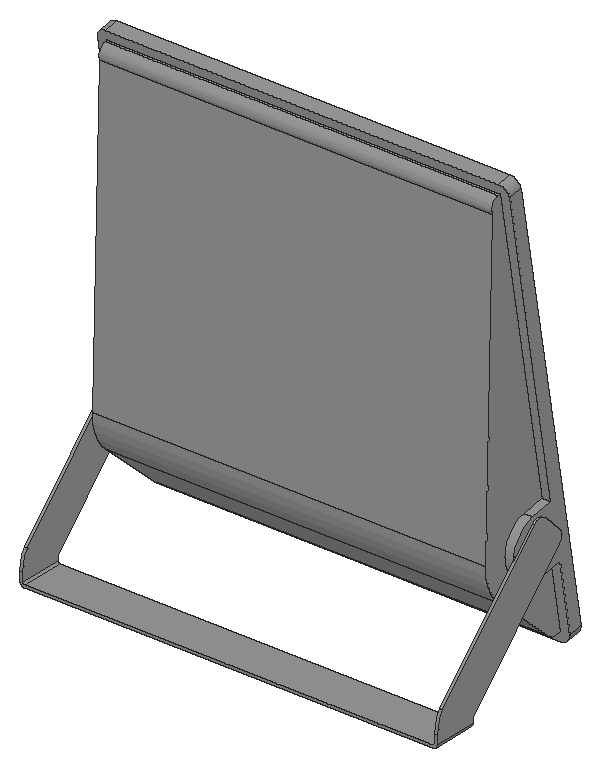
Revit family "0048542", category Lighting Fixtures, host Face, Revit 2017
Family settings
  Host = Face
  Round Connector Dimension = Use Diameter
  Part Type = Normal
  OmniClass Number = 23.80.70.00
  OmniClass Title = Lighting
  Cut with Voids When Loaded = No
  Light Source = No
  Shared = No
  Room Calculation Point = No
Parameters (values of type "0048542 START FLOOD IP66 39KLM 840 WB")
  WingRadius_SYL = 10 mm
  WingLength_SYL = if([50W_SYL], 100 mm, if([100W_SYL], 142 mm, if([150W_SYL], 142 mm, if([200W_SYL], 150 mm, 170 mm))))  # 170 mm
  WidthBracket_SYL = 45 mm
  Weight = "9.6 kg"
  Wattage Comments = ""
  WarrantyStartDate [instance] = "n/a"
  WarrantyGuarantorParts = "n/a"
  WarrantyDurationUnit = "n/a"
  WarrantyDurationParts = "n/a"
  WarrantyDescription = "n/a"
  Voltage = 0 V
  URL = "http://www.sylvania-lighting.com"
  TypeName = "Start Flood IP66 39KLM 840 WB"
  TypeHead_SYL = START Flood IP66 300W luminaire : 0048542
  Type Image = <None>
  Type Comments = "n/a"
  ThicknessBracket_SYL = 3 mm
  SerialNumber [instance] = "n/a"
  RotationAngle_SYL [instance] = -100.00°
  RadiusOutBracket_SYL = 5 mm
  RadiusInBracket_SYL = 2 mm
  Material_3_SYL = none
  PowerFactor = 0.97
  PowerConsumption = "300 W"
  NominalLength = 567 mm
  NominalHeight = 97 mm
  NominalDepth = 465 mm
  Name = "Start Flood IP66 39KLM 840 WB"
  ModelReference = Name  # "Start Flood IP66 39KLM 840 WB"
  ModelNumber = "0048542"
  Model = Name  # "Start Flood IP66 39KLM 840 WB"
  Material = "n/a"
  ManufacturerName = "Feilo Sylvania"
  Manufacturer = "Feilo Sylvania"
  LuminousEfficacy = "139 lm/W"
  LuminaireType = ""
  LightOutputRatio = "n/a"
  LengthIn_SYL = if([50W_SYL], 210 mm, if([100W_SYL], 300 mm, if([150W_SYL], 295 mm, if([200W_SYL], 360 mm, 430 mm))))  # 430 mm
  LampsType = Lamp  # "LED"
  LampNominalLuminous = "41800 lm"
  LampMacAdamStep = "4"
  LampColourTemperature = "4000 K"
  LampColourRenderingIndex = "70"
  Lamp = "LED"
  Keynote = "16500"
  InstallationDate [instance] = "n/a"
  InputVoltage = "n/a"
  InputNominalFrequency = "n/a"
  IngressProtection = "IP66"
  ImpactProtectionIndex = "IK08"
  IfcExportType = "IfcLightFixtureType"
  IfcExportAs = "IfcLightFixtureType"
  EndAngle_SYL [instance] = RotationAngle_SYL + 180.00°  # 80.00°
  ElectricShockClassification = "Class I"
  DocumentationLiterature = "http://www.sylvania-lighting.com/product/en-int/products/0048542"
  DimmingControlOptions = "n/a"
  Material_2_SYL = none
  Description = "Exterior LED Floodlight, comes complete with 1500mm flying lead and adjustable bracket, aluminium housing, clear glass diffuser, IP66, IK08, Class I, 4000K, Non-dimming, 41800lm, 300W, 139lm/W, CRI80, Symmetrical Wide beam angle (60°), 60000 hrs L70B50 lifetime, 567 x 465 x 97mm (LxWxD) dimensions, 9.6kg weight."
  Default Elevation = 1219.2 mm
  CreatedOn = "9/23/2020"
  CreatedBy = "@sylvania-lighting.com"
  Cost = 0
  built-in parameter 1114216 [instance] = (empty or 0)
  ClassificationValue = "EF_70_80"
  ClassificationName = "Uniclass2015"
  Material_1_SYL = Steel, Paint Finish, Dark Gray, Matte
  BarCode [instance] = "n/a"
  AxisOffsetWingEnd_SYL = WidthBracket_SYL / 2  # 22.5 mm
  AxisHeight_SYL = sin(45.00°) * WingLength_SYL  # 120.208 mm
  AxisDepth_SYL = cos(45.00°) * (WingLength_SYL - tan(45.00°) * AxisOffsetWingEnd_SYL - AxisOffsetWingEnd_SYL)  # 88.388 mm
  AssetType = "Fixed"
  AssetIdentifier [instance] = "n/a"
  Assembly Code = "D5020200"
  Apparent Load = 300 VA
  Material_4_SYL = none
  50W_SYL = no
  200W_SYL = no
  150W_SYL = no
  100W_SYL = no
Reference planes
  plane 1 "Center (Front/Back)": y = 0
  plane 2: z = 0
  plane 3 "Center (Left/Right)": x = 0
  plane 4: x = 218
  plane 5: x = -218
  plane 6: x = 215
  plane 7: x = -215
  plane 8: z = 10
  plane 9: y = 22.5
  plane 10: y = -22.5
  plane 11: z = 3
  plane 12: z = 130.208
  plane 13: y = 110.888
Forms (mm)
  Extrusion 1, solid, material "Steel, Paint Finish, Dark Gray, Matte" <- "Material_1_SYL"
    sketch origin (0, 0, 0) x (1, 0, 0) y (0, 0, 1)
      loop
        arc (213, 0) -> (216.536, 1.464) -> (218, 5) r 5
        line (218, 5) -> (218, 10) -> (215, 10) -> (215, 5)
        arc (215, 5) -> (214.414, 3.586) -> (213, 3) r 2
        line (213, 3) -> (-213, 3)
        arc (-213, 3) -> (-214.414, 3.586) -> (-215, 5) r 2
        line (-215, 5) -> (-215, 10) -> (-218, 10) -> (-218, 5)
        arc (-218, 5) -> (-216.536, 1.464) -> (-213, 0) r 5
        line (-213, 0) -> (213, 0)
    from -22.5 to 22.5
  Extrusion 2, solid, material "Steel, Paint Finish, Dark Gray, Matte" <- "Material_1_SYL"
    sketch origin (215, -4572, 2609.058) x (0, 0, 1) y (0, -1, 0)
      loop
        line (-2599.058, -4594.5) -> (-2485.921, -4707.637)
        arc (-2485.921, -4707.637) -> (-2478.85, -4710.566) -> (-2471.779, -4707.637) r 10
        line (-2471.779, -4707.637) -> (-2454.101, -4689.959)
        arc (-2454.101, -4689.959) -> (-2451.172, -4682.888) -> (-2454.101, -4675.817) r 10
        line (-2454.101, -4675.817) -> (-2574.561, -4555.358)
        arc (-2574.561, -4555.358) -> (-2584.325, -4550.994) -> (-2594.916, -4549.5) r 38.295
        line (-2594.916, -4549.5) -> (-2599.058, -4549.5) -> (-2599.058, -4594.5)
    from 0 to 3
  Extrusion 3, solid, material "Steel, Paint Finish, Dark Gray, Matte" <- "Material_1_SYL"
    sketch origin (-218, -4572, 2609.058) x (0, 0, 1) y (0, -1, 0)
      loop
        arc (-2485.921, -4707.637) -> (-2478.85, -4710.566) -> (-2471.779, -4707.637) r 10
        line (-2471.779, -4707.637) -> (-2454.101, -4689.959)
        arc (-2454.101, -4689.959) -> (-2451.172, -4682.888) -> (-2454.101, -4675.817) r 10
        line (-2454.101, -4675.817) -> (-2574.561, -4555.358)
        arc (-2574.561, -4555.358) -> (-2584.325, -4550.994) -> (-2594.916, -4549.5) r 38.295
        line (-2594.916, -4549.5) -> (-2604.058, -4549.5) -> (-2604.058, -4594.5) -> (-2599.058, -4594.5) -> (-2485.921, -4707.637)
    from 0 to 3
  Revolve 4, solid, not visible
    sketch origin (1223.4, -4572, 130.208) x (0, -1, 0) y (1, 0, 0)
      loop
        line (-4682.888, -1223.4) -> (-4697.888, -1223.4) -> (-4697.888, -1273.4) -> (-4682.888, -1273.4) -> (-4682.888, -1223.4)
      axis (-4682.888, -1223.4) -> (-4682.888, -1273.4)
    angle from -100 <- "RotationAngle_SYL" to 80 <- "EndAngle_SYL"
Cuts and joins
  joined: Extrusion 1, Extrusion 2, Extrusion 3
Lines and regions (mm)
  reference lines
    curve 1: line (0, 22.5, 10) -> (0, 174.528, 162.028)
    curve 2: line (0, 131.244, 182.383) -> (0, -22.5, 28.64)
    curve 3: line (0, 110.888, 162.028) -> (0, 142.708, 130.208)
    curve 4: line (-218, 4.393, 23.713) -> (-218, 172.635, 191.954)
    curve 5: line (0, 94.978, 146.118) -> (0, 126.798, 114.298)
Dimensions and locks
  locked: plane 8 to plane 2 at 10
  equal spacing: plane 10, plane 1 "Center (Front/Back)", plane 9
  "WidthBracket_SYL": plane 10 to plane 9
  "WidthBracket_SYL": curve 1 to curve 2
  "ThicknessBracket_SYL": plane 11 to plane 2
  "WingLength_SYL": curve 1 to curve 3
  level to Extrusion 1 = 10 mm
  equal spacing: plane 6, plane 3 "Center (Left/Right)", plane 7
  "LengthIn_SYL": plane 6 to plane 7
  equal spacing: plane 4, plane 3 "Center (Left/Right)", plane 5
  "ThicknessBracket_SYL": plane 7 to plane 5
  equal spacing: curve 1, curve 4, curve 2
  "AxisOffsetWingEnd_SYL": curve 3 to curve 5
  "AxisHeight_SYL": plane 12 to plane 8
  "AxisDepth_SYL": plane 9 to plane 13
  "RadiusInBracket_SYL": radius of Extrusion 1 sketch curve  (x2)
  "RadiusOutBracket_SYL": radius of Extrusion 1 sketch curve  (x2)
  "WingRadius_SYL": radius of Extrusion 2 sketch curve  (x2)
  locked: plane 8 to curve 1 (angle 45.00°)
  locked: plane 8 to curve 2 (angle 45.00°)
  aligned and locked: plane 2 to host face
  aligned and locked: level to host face
  aligned and locked: plane 9 to curve 1
  aligned and locked: plane 8 to curve 1
  aligned and locked: plane 10 to curve 2
  aligned and locked: plane 5 to Extrusion 1 sketch curve
  aligned and locked: plane 8 to Extrusion 1 sketch curve  (x2)
  aligned and locked: Extrusion 1 sketch curve to plane 7
  aligned and locked: plane 11 to Extrusion 1 sketch curve
  aligned and locked: plane 6 to Extrusion 1 sketch curve
  aligned and locked: Extrusion 1 sketch curve to plane 4
  aligned and locked: Extrusion 1 to plane 9
  aligned and locked: plane 10 to Extrusion 1
  aligned and locked: Extrusion 2 sketch curve to curve 1
  aligned and locked: curve 2 to Extrusion 2 sketch curve
  aligned and locked: plane 10 to Extrusion 2 sketch curve
  aligned and locked: Extrusion 2 sketch curve to Extrusion 1
  aligned and locked: plane 4 to Extrusion 2
  aligned and locked: Extrusion 2 to plane 6
  aligned and locked: plane 7 to Extrusion 3
  aligned and locked: Extrusion 3 to plane 5
  aligned and locked: cut or joined group of Extrusion 1, Extrusion 2, Extrusion 3 to curve 5  (x2)
  aligned and locked: Revolve 4 sketch curve to plane 13  (x2)
  aligned and locked: Revolve 4 sketch curve to curve 3
  aligned and locked: curve 2 to plane 3 "Center (Left/Right)"
  aligned and locked: Extrusion 3 sketch curve to cut or joined group of Extrusion 1, Extrusion 2, Extrusion 3  (x5)
  aligned and locked: cut or joined group of Extrusion 1, Extrusion 2, Extrusion 3 to Extrusion 3 sketch curve
  aligned and locked: nested 1 to plane 3 "Center (Left/Right)"
Automatic sketch dimensions
  host sketch curve to host sketch curve = 2438.4 mm  (x2)
  curve 4 to plane 1 "Center (Front/Back)" = 4.393 mm
  curve 4 to plane 9 = 150.135 mm
  Revolve 4 sketch curve to Revolve 4 sketch curve = 15 mm
  Revolve 4 sketch curve to plane 3 "Center (Left/Right)" = 50 mm
  Revolve 4 sketch curve to plane 5 = 1316.635 mm
  plane 4 to Revolve 4 sketch curve = 1441.773 mm
  Extrusion 3 sketch curve to plane 10 = 5.858 mm
  plane 12 to Extrusion 3 sketch curve = 7.071 mm
  Extrusion 3 sketch curve to plane 12 = 7.071 mm
  Extrusion 3 sketch curve to Extrusion 3 sketch curve = 7.071 mm
  plane 13 to Extrusion 3 sketch curve = 7.071 mm
  Extrusion 1 sketch curve to Extrusion 1 sketch curve = 0 mm  (x2)
  plane 12 to Extrusion 2 sketch curve = 0 mm
  Extrusion 2 sketch curve to plane 13 = 0 mm
  Extrusion 2 sketch curve to Extrusion 2 sketch curve = 4.142 mm
  Extrusion 2 sketch curve to plane 10 = 5.858 mm
  plane 12 to Extrusion 2 sketch curve = 7.071 mm
  Extrusion 2 sketch curve to plane 12 = 7.071 mm
  plane 13 to Extrusion 2 sketch curve = 7.071 mm
  Extrusion 2 sketch curve to plane 13 = 7.071 mm
Nested families
  nested 1: "START Flood IP66 300W luminaire" at (0, 110.888, 130.208) x (-1, 0, 0) z (0, 0.9848, 0.1736), type <- "TypeHead_SYL", type "0048542"
    with built-in parameter 1114216 (empty or 0), Apparent Load 300 VA
Connectors
  electrical at (4.2, 0, 0), driven by "Voltage", driven by "Apparent Load", driven by "PowerFactor"
    settings: on host face, index 1, voltage 0 V, apparent load 300 VA, apparent load phase1 0 VA, apparent load phase2 0 VA, apparent load phase3 0 VA, power factor 0.97, load classification "Other", number of poles 1, system type 30, power factor state 1, is connector primary yes, connector utility no, sub classification motor no, connector description ""
Definition of nested family "START Flood IP66 300W luminaire"
  Parameters (values of type "0048215 Start Flood IP66 42000lm 740 ASYM")
    WidthHead_SYL = if([50W_SYL], 210 mm, if([100W_SYL], 300 mm, if([150W_SYL], 295 mm, if([200W_SYL], 360 mm, 430 mm))))  # 430 mm
    Wattage Comments = "n/a"
    Wattage = 296 W
    built-in parameter 1150110 = 1 (stored number, unit not read)
    URL = "http://www.sylvania-lighting.com"
    Type Image = (empty or 0)
    Type Comments = "n/a"
    built-in parameter 1114217 = 1 (stored number, unit not read)
    Tilt Angle = -90.00°
    built-in parameter 1150109 = 1 (stored number, unit not read)
    built-in parameter 1150134 = 12
    built-in parameter 1150113 = 1 (stored number, unit not read)
    ScreenThickness_SYL = 14.5 mm  # constant formula
    ReflectorOffset_SYL = 12 mm  # constant formula
    ReflectorOffsetIn_SYL = RadiusReflectorFront_SYL  # 35 mm
    ReflectorHeight_SYL = if([50W_SYL], 145 mm, if([100W_SYL], 165 mm, if([150W_SYL], 210 mm, if([200W_SYL], 240 mm, 290 mm))))  # 290 mm
    RadiusReflectorIn_SYL = 5 mm  # constant formula
    RadiusReflectorFront_SYL = if([50W_SYL], 30 mm, if([100W_SYL], 30 mm, if([150W_SYL], 30 mm, if([200W_SYL], 30 mm, 35 mm))))  # 35 mm
    RadiusHinge_SYL = RadiusBack_SYL / 1.8  # 30.556 mm
    RadiusBack_SYL = if([50W_SYL], 31.3 mm, if([100W_SYL], 40 mm, if([150W_SYL], 40 mm, if([200W_SYL], 50 mm, 55 mm))))  # 55 mm
    Photometric Web File = "0048215.ies"
    OffsetBack_SYL = 10 mm  # constant formula
    Material_5_SYL = none
    Material_3_SYL = none
    Model = "Start Flood IP66 42000lm 740 ASYM"
    Manufacturer = "Feilo Sylvania"
    built-in parameter 1150105 = 21381.3 (stored number, unit not read)
    Lumens = 41144 lm
    built-in parameter 1150115 = 1 (stored number, unit not read)
    built-in parameter 1150137 = (empty or 0)
    built-in parameter 1150139 = (empty or 0)
    built-in parameter 1150112 = 1 (stored number, unit not read)
    built-in parameter 1150114 = 1 (stored number, unit not read)
    Lamp = "LED"
    Keynote = "16500"
    Material_2_SYL = none
    built-in parameter 1150132 = (empty or 0)
    built-in parameter 1150102 = (empty or 0)
    built-in parameter 1150107 = 4000 (stored number, unit not read)
    built-in parameter 1150138 = (empty or 0)
    built-in parameter 1150106 = 213.81 (stored number, unit not read)
    HeightHead_SYL = if([50W_SYL], 250 mm, if([100W_SYL], 320 mm, if([150W_SYL], 367 mm, if([200W_SYL], 400 mm, 470 mm))))  # 470 mm
    Emit from Rectangle Width = WidthHead_SYL - 4 mm - ReflectorOffset_SYL * 2 - ReflectorOffsetIn_SYL * 2  # 332 mm
    Emit from Rectangle Length = ReflectorHeight_SYL - ReflectorOffsetIn_SYL * 2  # 220 mm
    Emit Shape Visible in Rendering = no
    built-in parameter 1150104 = 12.914 (stored number, unit not read)
    Dimming Lamp Color Temperature Shift = (empty or 0)
    Description = ""
    Default Elevation = 1219.2 mm
    Cost = 0
    Color Filter = 16777215
    built-in parameter 1114216 [instance] = (empty or 0)
    Material_1_SYL = none
    Chamfer_SYL = if([50W_SYL], 15 mm, if([100W_SYL], 15 mm, if([150W_SYL], 15 mm, if([200W_SYL], 15 mm, 20 mm))))  # 20 mm
    built-in parameter 1114218 = 1 (stored number, unit not read)
    AxisOffsetBottom_SYL = if([50W_SYL], 68 mm, if([100W_SYL], 80 mm, if([150W_SYL], 92.2 mm, if([200W_SYL], 99.7 mm, 117 mm))))  # 117 mm
    AxisOffsetFront_SYL = if([50W_SYL], 28.4 mm, if([100W_SYL], 33.2 mm, if([150W_SYL], 33.2 mm, if([200W_SYL], 32.9 mm, 38.3 mm))))  # 38.3 mm
    built-in parameter 1150133 = 10 (stored number, unit not read)
    Assembly Code = "D5020200"
    Apparent Load = 296 VA
    Material_4_SYL = none
    50W_SYL = no
    200W_SYL = no
    150W_SYL = no
    100W_SYL = no
  Types (2, lengths in mm): name | Photometric Web File | Model | built-in parameter 1150105 | Lumens | built-in parameter 1150106 | built-in parameter 1150104
    0048215 Start Flood IP66 42000lm 740 ASYM | "0048215.ies" | "Start Flood IP66 42000lm 740 ASYM" | 21381.3 (stored number, unit not read) | 41144 lm | 213.81 (stored number, unit not read) | 12.914 (stored number, unit not read)
    0048214 Start Flood IP66 42000lm 740 WB | "0048214.ies" | "Start Flood IP66 42000lm 740 WB" | 47398.7 (stored number, unit not read) | 42920 lm | 473.99 (stored number, unit not read) | 13.471 (stored number, unit not read)
  Reference planes
    plane 1 "Center (Front/Back)": y = 0
    plane 2: z = 0
    plane 3 "Center (Left/Right)": x = 0
    plane 4: x = 215
    plane 5: x = -215
    plane 6: y = -117
    plane 7: y = 353
    plane 8: z = 38.3
    plane 9: z = 23.8
    plane 10: y = 343
    plane 11: y = -107
    plane 12: x = -205
    plane 13: x = 205
    plane 14: x = -213
    plane 15: y = 351
    plane 16: x = 213
    plane 17: y = -115
    plane 18: y = 331
    plane 19: x = 193
    plane 20: x = -193
    plane 21: y = -95
    plane 22: z = 36.3
    plane 23: z = 13.8
    plane 24: x = -201
    plane 25: y = 339
    plane 26: x = 201
    plane 27: y = 49
    plane 28: x = -166
    plane 29: y = 84
    plane 30: x = 166
    plane 31: y = 304
    plane 32: y = 194
  Forms (mm)
    Extrusion 1, solid
      sketch origin (4.2, 0, 0) x (1, 0, 0) y (0, 1, 0)
        loop
          line (-1219.2, 1219.2) -> (-1219.2, -1219.2) -> (1219.2, -1219.2) -> (1219.2, 1219.2) -> (-1219.2, 1219.2)
      from 0 to -68.017
    Extrusion 2, solid, material <- "Material_1_SYL"
      sketch origin (0, 1219.2, 38.3) x (1, 0, 0) y (0, -1, 0)
        loop
          line (-205, 866.2) -> (205, 866.2)
          arc (205, 866.2) -> (212.071, 869.129) -> (215, 876.2) r 10
          line (215, 876.2) -> (215, 1326.2)
          arc (215, 1326.2) -> (212.071, 1333.271) -> (205, 1336.2) r 10
          line (205, 1336.2) -> (-205, 1336.2)
          arc (-205, 1336.2) -> (-212.071, 1333.271) -> (-215, 1326.2) r 10
          line (-215, 1326.2) -> (-215, 876.2)
          arc (-215, 876.2) -> (-212.071, 869.129) -> (-205, 866.2) r 10
      from 0 to 14.5
    Extrusion 3, void
      sketch origin (0, 1219.2, 38.3) x (1, 0, 0) y (0, -1, 0)
        loop
          line (-193, 868.2) -> (193, 868.2) -> (213, 888.2) -> (213, 1314.2) -> (193, 1334.2) -> (-193, 1334.2) -> (-213, 1314.2) -> (-213, 888.2) -> (-193, 868.2)
      from 0 to 2
    Blend 4, void
      base sketch origin (0, 1219.2, 36.3) x (0, -1, 0) y (1, 0, 0)
        loop
          arc (880.2, -166) -> (890.451, -190.749) -> (915.2, -201) r 35
          line (915.2, -201) -> (1135.2, -201)
          arc (1135.2, -201) -> (1159.949, -190.749) -> (1170.2, -166) r 35
          line (1170.2, -166) -> (1170.2, 166)
          arc (1170.2, 166) -> (1159.949, 190.749) -> (1135.2, 201) r 35
          line (1135.2, 201) -> (915.2, 201)
          arc (915.2, 201) -> (890.451, 190.749) -> (880.2, 166) r 35
          line (880.2, 166) -> (880.2, -166)
      top sketch origin (0, 1219.2, 36.3) x (0, -1, 0) y (1, 0, 0)
        loop
          arc (915.2, -163) -> (917.044, -165.183) -> (919.783, -166) r 5
          line (919.783, -166) -> (1130.2, -166)
          arc (1130.2, -166) -> (1133.736, -164.536) -> (1135.2, -161) r 5
          line (1135.2, -161) -> (1135.2, 161)
          arc (1135.2, 161) -> (1133.736, 164.536) -> (1130.2, 166) r 5
          line (1130.2, 166) -> (920.2, 166)
          arc (920.2, 166) -> (916.664, 164.536) -> (915.2, 161) r 5
          line (915.2, 161) -> (915.2, -163)
      from 0 to -22.5
    Extrusion 5, solid, material <- "Material_1_SYL"
      sketch origin (0, 0, 0) x (0, 1, 0) y (0, 0, 1)
        loop
          line (-107, 23.8) -> (-107, 18.572)
          arc (-107, 18.572) -> (-106.025, 14.265) -> (-103.291, 10.798) r 10
          line (-103.291, 10.798) -> (-33.861, -43.341)
          arc (-33.861, -43.341) -> (-12.595, -53.539) -> (10.987, -53.891) r 55
          line (10.987, -53.891) -> (330.006, 12.163)
          arc (330.006, 12.163) -> (338.918, 13.644) -> (343, 21.705) r 10
          line (343, 21.705) -> (343, 23.8) -> (-107, 23.8)
      from -205 to 205
    Extrusion 6, solid, material <- "Material_4_SYL"
      sketch origin (0, 1219.2, 36.3) x (1, 0, 0) y (0, -1, 0)
        loop
          line (193, 868.2) -> (213, 888.2) -> (213, 1314.2) -> (193, 1334.2) -> (-193, 1334.2) -> (-213, 1314.2) -> (-213, 888.2) -> (-193, 868.2) -> (193, 868.2)
      from -2 to 0
    Extrusion 7, solid, material <- "Material_1_SYL"
      sketch origin (0, 0, 0) x (0, 1, 0) y (0, 0, 1)
        loop
          arc (-30.556, 0) -> (0, -30.556) -> (30.556, 0) r 30.556
          line (30.556, 0) -> (30.556, 23.8) -> (-30.556, 23.8) -> (-30.556, 0)
      from -215 to 215
  Cuts and joins
    Extrusion 3, Blend 4 cuts Extrusion 2
    joined: Extrusion 2, Extrusion 5, Extrusion 7
  Lines and regions (mm)
    Split face 1
      outline origin (0, 1219.2, 38.3) x (1, 0, 0) y (0, 1, 0)
        loop
          arc (166, -1170.2) -> (190.749, -1159.949) -> (201, -1135.2) r 35
          line (201, -1135.2) -> (201, -915.2)
          arc (201, -915.2) -> (190.749, -890.451) -> (166, -880.2) r 35
          line (166, -880.2) -> (-166, -880.2)
          arc (-166, -880.2) -> (-190.749, -890.451) -> (-201, -915.2) r 35
          line (-201, -915.2) -> (-201, -1135.2)
          arc (-201, -1135.2) -> (-190.749, -1159.949) -> (-166, -1170.2) r 35
          line (-166, -1170.2) -> (166, -1170.2)
    reference lines
      curve 1: circle (0, 0, 0) r 55 normal (1, 0, 0)
      curve 2: line (-166, 339, 38.3) -> (166, 339, 38.3)
      curve 3: line (-201, 84, 38.3) -> (-201, 304, 38.3)
      curve 4: line (166, 49, 38.3) -> (-166, 49, 38.3)
      curve 5: line (201, 304, 38.3) -> (201, 84, 38.3)
      curve 6: arc (-166, 339, 38.3) -> (-190.749, 328.749, 38.3) -> (-201, 304, 38.3) r 35
      curve 7: arc (166, 339, 38.3) -> (190.749, 328.749, 38.3) -> (201, 304, 38.3) r 35
      curve 8: arc (-201, 84, 38.3) -> (-190.749, 59.251, 38.3) -> (-166, 49, 38.3) r 35
      curve 9: arc (166, 49, 38.3) -> (190.749, 59.251, 38.3) -> (201, 84, 38.3) r 35
      curve 10: line (-163, 304, 38.3) -> (161, 304, 38.3)
      curve 11: line (-166, 89, 38.3) -> (-166, 299.417, 38.3)
      curve 12: line (161, 84, 38.3) -> (-161, 84, 38.3)
      curve 13: line (166, 299, 38.3) -> (166, 89, 38.3)
      curve 14: arc (-163, 304, 38.3) -> (-165.183, 302.156, 38.3) -> (-166, 299.417, 38.3) r 5
      curve 15: arc (-161, 84, 38.3) -> (-164.536, 85.464, 38.3) -> (-166, 89, 38.3) r 5
      curve 16: arc (166, 89, 38.3) -> (164.536, 85.464, 38.3) -> (161, 84, 38.3) r 5
      curve 17: arc (161, 304, 38.3) -> (164.536, 302.536, 38.3) -> (166, 299, 38.3) r 5
      curve 18: circle (0, 0, 0) r 30.556 normal (1, 0, 0)
  Dimensions and locks
    equal spacing: plane 4, plane 3 "Center (Left/Right)", plane 5
    "WidthHead_SYL": plane 4 to plane 5
    "AxisOffsetBottom_SYL": plane 6 to plane 1 "Center (Front/Back)"
    "HeightHead_SYL": plane 6 to plane 7
    "AxisOffsetFront_SYL": plane 8 to plane 2
    "ScreenThickness_SYL": plane 9 to plane 8
    equal spacing: plane 12, plane 3 "Center (Left/Right)", plane 13
    "OffsetBack_SYL": plane 5 to plane 12
    "OffsetBack_SYL": plane 10 to plane 7
    "OffsetBack_SYL": plane 6 to plane 11
    locked: plane 6 to plane 17 at 2
    locked: plane 16 to plane 4 at 2
    locked: plane 5 to plane 14 at 2
    locked: plane 15 to plane 7 at 2
    "Chamfer_SYL": plane 19 to plane 16
    "Chamfer_SYL": plane 14 to plane 20
    "Chamfer_SYL": plane 18 to plane 15
    locked: plane 22 to plane 8 at 2
    "Chamfer_SYL": plane 17 to plane 21
    locked: plane 23 to plane 9 at 10
    equal spacing: plane 24, plane 3 "Center (Left/Right)", plane 26
    "ReflectorOffset_SYL": plane 25 to plane 15
    "ReflectorHeight_SYL": plane 27 to plane 25
    "ReflectorOffset_SYL": plane 14 to plane 24
    "ReflectorOffsetIn_SYL": plane 31 to plane 25
    "ReflectorOffsetIn_SYL": plane 24 to plane 28
    "ReflectorOffsetIn_SYL": plane 27 to plane 29
    "ReflectorOffsetIn_SYL": plane 30 to plane 26
    level to Extrusion 7 = 23.8 mm
    equal spacing: plane 29, plane 32, plane 31
    "RadiusBack_SYL": radius of curve 1
    "OffsetBack_SYL": radius of Extrusion 2 sketch curve  (x4)
    "RadiusReflectorFront_SYL": radius of curve 6
    "RadiusReflectorFront_SYL": radius of curve 8
    "RadiusReflectorFront_SYL": radius of curve 9
    "RadiusReflectorFront_SYL": radius of curve 7
    "RadiusReflectorIn_SYL": radius of curve 14
    "RadiusReflectorIn_SYL": radius of curve 15
    "RadiusReflectorIn_SYL": radius of curve 16
    "RadiusReflectorIn_SYL": radius of curve 17
    radius of Extrusion 5 sketch curve = 10 mm  (x2)
    "RadiusHinge_SYL": radius of curve 18
    aligned and locked: plane 2 to Extrusion 1
    aligned and locked: level to Extrusion 1
    aligned and locked: Extrusion 2 sketch curve to plane 7
    aligned and locked: plane 12 to Extrusion 2 sketch curve  (x2)
    aligned and locked: plane 13 to Extrusion 2 sketch curve  (x2)
    aligned and locked: plane 10 to Extrusion 2 sketch curve
    aligned and locked: plane 11 to Extrusion 2 sketch curve  (x2)
    aligned and locked: plane 9 to Extrusion 2
    aligned and locked: Extrusion 2 to plane 8
    aligned and locked: plane 20 to Extrusion 3 sketch curve
    aligned and locked: plane 18 to Extrusion 3 sketch curve
    aligned and locked: plane 14 to Extrusion 3 sketch curve
    aligned and locked: plane 17 to Extrusion 3 sketch curve
    aligned and locked: Extrusion 3 sketch curve to plane 16
    aligned and locked: plane 19 to Extrusion 3 sketch curve
    aligned and locked: plane 15 to Extrusion 3 sketch curve
    aligned and locked: plane 22 to Extrusion 3
    aligned and locked: Extrusion 3 to plane 8
    aligned and locked: curve 2 to plane 25
    aligned and locked: curve 3 to plane 24
    aligned and locked: plane 27 to curve 4
    aligned and locked: plane 26 to curve 5
    aligned and locked: curve 10 to plane 31
    aligned and locked: curve 11 to plane 28
    aligned and locked: plane 29 to curve 12
    aligned and locked: plane 30 to curve 13
    aligned and locked: Blend 4 sketch curve to curve 6
    aligned and locked: Blend 4 sketch curve to curve 8
    aligned and locked: Blend 4 sketch curve to curve 9
    aligned and locked: Blend 4 sketch curve to curve 7
    aligned and locked: Blend 4 sketch curve to curve 10
    aligned and locked: Blend 4 sketch curve to curve 17
    aligned and locked: Blend 4 sketch curve to curve 16
    aligned and locked: Blend 4 sketch curve to curve 15
    aligned and locked: Blend 4 sketch curve to curve 14
    aligned and locked: Blend 4 to plane 22
    aligned and locked: Extrusion 5 sketch curve to curve 1
    aligned and locked: Extrusion 5 to plane 12
    aligned and locked: plane 13 to Extrusion 5
    aligned and locked: plane 23 to Blend 4
    aligned and locked: Extrusion 6 sketch curve to cut or joined group of Extrusion 2, Extrusion 3, Blend 4, Extrusion 5, Extrusion 7  (x8)
    aligned and locked: plane 22 to Extrusion 6
    aligned and locked: Extrusion 6 to plane 8
    aligned and locked: Split face 1 sketch curve to cut or joined group of Extrusion 2, Extrusion 3, Blend 4, Extrusion 5, Extrusion 7  (x4)
    aligned and locked: Extrusion 7 sketch curve to curve 18
    aligned and locked: plane 9 to Extrusion 7 sketch curve  (x2)
    aligned and locked: plane 4 to Extrusion 7
    aligned and locked: Extrusion 7 to plane 5
    aligned and locked: plane 3 "Center (Left/Right)" to imposter light
    aligned and locked: plane 32 to imposter light
    aligned and locked: imposter light to plane 8
  Automatic sketch dimensions
    Extrusion 1 sketch curve to Extrusion 1 sketch curve = 2438.4 mm  (x2)
    Extrusion 3 sketch curve to plane 20 = 0 mm
    Extrusion 3 sketch curve to plane 19 = 0 mm
    plane 21 to Extrusion 3 sketch curve = 0 mm  (x2)
    plane 18 to Extrusion 3 sketch curve = 0 mm
    plane 28 to curve 10 = 3 mm
    plane 23 to Extrusion 5 sketch curve = 3.002 mm
    plane 18 to Extrusion 5 sketch curve = 0.994 mm
    Extrusion 5 sketch curve to plane 11 = 0 mm
    Extrusion 5 sketch curve to plane 10 = 0 mm
    plane 9 to Extrusion 5 sketch curve = 0 mm
    Extrusion 5 sketch curve to plane 11 = 3.709 mm
    plane 1 "Center (Front/Back)" to Extrusion 5 sketch curve = 33.861 mm
    Extrusion 5 sketch curve to plane 1 "Center (Front/Back)" = 10.987 mm
    plane 23 to Extrusion 5 sketch curve = 1.637 mm
    curve 1 to curve 18 = 0 mm  (x2)
    curve 18 to level = 0 mm
    curve 18 to plane 1 "Center (Front/Back)" = 0 mm
    Extrusion 7 sketch curve to level = 0 mm
